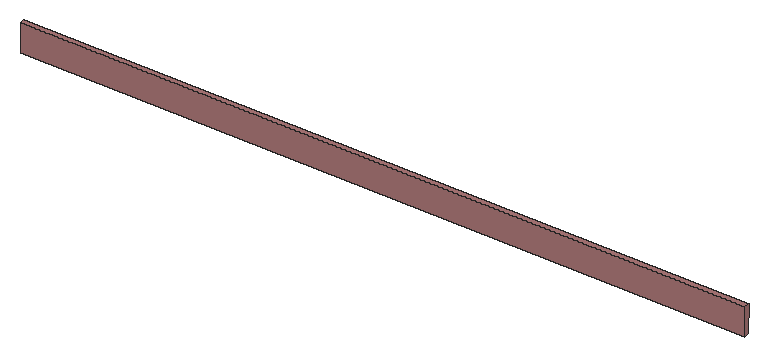
Revit family "Supports-Teknion-CEWCB-Backsplash-R2023", category Furniture, Revit 2023
Family settings
  OmniClass Number = 23.40.20.00
  OmniClass Title = General Furniture and Specialties
  Work Plane-Based = No
  Enable Cutting in Views = No
  Always vertical = Yes
  Cut with Voids When Loaded = No
  Render Appearance Source = Family Geometry
  Shared = Yes
  Room Calculation Point = No
Parameters (values of type "Backsplash")
  Width [instance] = 107.000"
  Warranty = "http://www.teknion.com/ca/papers/legal-canada"
  Unit Weight URL = "http://www.teknion.com/ca/tools/assets#&asset=bee6a381-b954-425e-8283-5a2de3a804f2,f828d448-4b62-4231-9e5f-9a8991c0ed77"
  URL = "www.teknion.com"
  To render please download texture images found here [instance] = "https://assets.teknion.com/web/5e81352c1dfdb467/revit-material-swatches/"
  Sustainability Data = "https://www.teknion.com/ca/tools/assets#&topic=216f99a5-57a0-44fc-b10a-9dee9b29ae4c&asset=444deb64-fe58-4b68-981e-f75e97781df7,b4ff2d81-9f2e-437d-9659-7cffb09c31cf"
  Series = "Casework+"  # constant formula
  Product Page URL = "http://www.teknion.com/pricingguides/Casework/pdfs/CEWCB_ppg.pdf"
  Product Line = "Countertops & Supports"  # constant formula
  Product Documentation Link = "http://www.teknion.com/pricingguides/Casework/pdfs/CEWCB_ppg.pdf"
  Part Number = "CEWCB"  # constant formula
  Model = "CEWCB____04"  # constant formula
  Manufacturer Phone = "416-661-3370"  # constant formula
  Manufacturer Fax = "416.661.4586"  # constant formula
  Manufacturer Contact Information = "http://www.teknion.com/ca/contactus"
  Manufacturer Address = "1150 Flint Road, Toronto, ON. M3J 2J5. Canada"  # constant formula
  Manufacturer = "Teknion"  # constant formula
  How To Use Teknion Materials User Guide [instance] = "https://assets.teknion.com/m/205dd0a49fa58060/original/How-to-add-a-Material-Library-and-Texture-Images-to-your-Revit-project.pdf"
  For Additional Finishes please visit [instance] = "https://assets.teknion.com/m/44a8009b046e5d47/original/Teknion_Materials_Library.zip"
  Description = "Backsplash"  # constant formula
  Default Elevation = 0.000"
  Backsplash Finish [instance] = Source Laminate - Teknion - 3E - Estate Cherry
  Available Depth [instance] = "Available From 12 - 107 Inches In 1 Inch Increments"  # constant formula
  Assembly Code = "E2020200"
Reference planes (in)
  plane 1 "Center Front/Back": y = 0
  plane 2: z = 0
  plane 3 "Center Left/Right": x = 0
  plane 4 "Left": x = -53.5
  plane 5 "Right": x = 53.5
  plane 6 "Back": y = 0.35039
  plane 7 "Front": y = -0.35039
  plane 8 "Top": z = 36.93898
Forms (in)
  Sweep 1, solid, material "Source Laminate - Teknion - 3E - Estate Cherry" <- "Backsplash Finish"
    path origin (0, 0, 0) x (1, 0, 0) y (0, 0, 1)
      loop
        line (0, 32.93898) -> (0, 36.93898)
    profile origin (0, 0, 34.93898) x (-1, 0, 0) y (0, -1, 0)
      loop
        line (53.5, -0.35039) -> (53.5, 0.35039) -> (-53.5, 0.35039) -> (-53.5, -0.35039) -> (53.5, -0.35039)
Lines and regions (in)
  Masking region 1
    outline origin (0, 0, 0) x (1, 0, 0) y (0, 1, 0)
      loop
        line (-53.5, 0.35039) -> (-53.5, -0.35039) -> (53.5, -0.35039) -> (53.5, 0.35039) -> (-53.5, 0.35039)
  reference lines
    curve 1: line (-53.5, 0.35039, 0) -> (53.5, 0.35039, 0)
    curve 2: line (-53.5, -0.35039, 0) -> (53.5, -0.35039, 0)
    curve 3: line (-53.5, 0.35039, 0) -> (-53.5, -0.35039, 0)
    curve 4: line (53.5, 0.35039, 0) -> (53.5, -0.35039, 0)
Dimensions and locks (in)
  "Width": plane 4 "Left" to plane 5 "Right"
  plane 6 "Back" to plane 7 "Front" = 0.70079"
  plane 8 "Top" to level = 36.93898"
  locked: plane 8 "Top" to Sweep 1 sketch curve at 4
  aligned and locked: level to plane 2
  aligned and locked: Masking region 1 sketch curve to plane 6 "Back"
  aligned and locked: Masking region 1 sketch curve to plane 4 "Left"
  aligned and locked: Masking region 1 sketch curve to plane 7 "Front"
  aligned and locked: Masking region 1 sketch curve to plane 5 "Right"
  aligned and locked: nested 1 to plane 4 "Left"
  aligned and locked: nested 1 to plane 6 "Back"
  aligned and locked: nested 2 to plane 4 "Left"
  aligned and locked: nested 2 to plane 7 "Front"
  aligned and locked: nested 4 to plane 5 "Right"
  aligned and locked: nested 3 to plane 5 "Right"
  aligned and locked: nested 3 to plane 6 "Back"
  aligned and locked: plane 7 "Front" to nested 4
  aligned and locked: curve 1 to plane 6 "Back"
  aligned and locked: curve 2 to plane 7 "Front"
  aligned and locked: curve 3 to plane 4 "Left"
  aligned and locked: curve 4 to plane 5 "Right"
Automatic sketch dimensions
  Sweep 1 sketch curve to plane 3 "Center Left/Right" = 0.000"
  Sweep 1 sketch curve to plane 8 "Top" = 0.000"
  Sweep 1 sketch curve to plane 1 "Center Front/Back" = 0.35039"
  profile plane to Sweep 1 sketch curve = 53.500"
  plane 1 "Center Front/Back" to Sweep 1 sketch curve = 0.35039"
  Sweep 1 sketch curve to profile plane = 53.500"
Nested families (in)
  nested 1: "Teknion_2D_Node_Family-R2021" at (-53.5, 0.35039, 0), type "Teknion_2D_Node_Family-R2021"
  nested 2: "Teknion_2D_Node_Family-R2021" at (-53.5, -0.35039, 0), type "Teknion_2D_Node_Family-R2021"
  nested 3: "Teknion_2D_Node_Family-R2021" at (53.5, 0.35039, 0), type "Teknion_2D_Node_Family-R2021"
  nested 4: "Teknion_2D_Node_Family-R2021" at (53.5, -0.35039, 0), type "Teknion_2D_Node_Family-R2021"
Definition of nested family "Teknion_2D_Node_Family-R2021"
  Reference planes (in)
    plane 1 "Center (Front/Back)": y = 0
    plane 2: z = 0
    plane 3 "Center (Left/Right)": x = 0
  Lines and regions (in)
    detail lines, in view "Ref. Level"
      curve 1: circle (0, 0, 0) r 1.25 normal (0, 0, 1)
      curve 2: line (1.91508, -1.91508, 0) -> (-1.91508, 1.91508, 0)
      curve 3: line (-1.91508, -1.91508, 0) -> (1.91508, 1.91508, 0)
